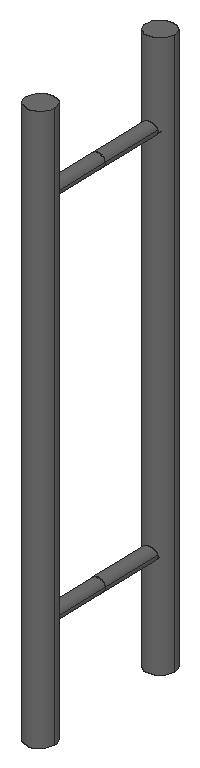
Revit family "АВЛН_Ручка прямая", category Двери, Revit 2021
Family settings
  На основе рабочей плоскости = Да
  Всегда вертикально = Да
  При загрузке вырезать с полостями = Нет
  Общий = Нет
  Точка принадлежности помещению = Нет
Parameters
  Ручка двери [instance] = AVLN_Материал импоста_RAL 7024
  Полотно двери.Толщина [instance] = 65 mm
  Default Elevation = 1219.2 mm
  Определить тепловые свойства по = Тип схем
  Высота расположения ручки = 1000 mm
  Аналитическая конструкция = "<Нет>"
Reference planes
  plane 1 "Наружная сторона полотна": y = -35
  plane 2: z = 0
  plane 3 "Край полотна": x = 0
  plane 4 "Горизонталь расположения": z = 1000
  plane 5 "Внутренняя сторона полотна": y = -75
  plane 6: z = 750
  plane 7: y = 65
  plane 8: y = -135
  plane 9 "2": y = 75
Forms (mm)
  Extrusion 1, solid, material "AVLN_Материал импоста_RAL 7024" <- "Ручка двери"
    sketch origin (-445.271, -105.55, 0) x (-1, 0, 0) y (0, -1, 0)
      loop
        circle (-445.271, 29.45) r 20
    from 500 to 1300
  Extrusion 2, solid, material "AVLN_Материал импоста_RAL 7024" <- "Ручка двери"
    sketch origin (-630.686, -65.174, 0) x (-1, 0, 0) y (0, 0, -1)
      loop
        circle (-630.686, -1183.6) r 10
    from -30.174 to 69.826
  Extrusion 3, solid, material "AVLN_Материал импоста_RAL 7024" <- "Ручка двери"
    sketch origin (-630.686, -65.174, 0) x (-1, 0, 0) y (0, 0, -1)
      loop
        circle (-630.686, -650) r 10
    from 69.826 to -30.174
  Extrusion 4, solid, material "AVLN_Материал импоста_RAL 7024" <- "Ручка двери"
    sketch origin (-445.096, 40.55, 0) x (-1, 0, 0) y (0, -1, 0)
      loop
        circle (-445.271, -34.45) r 20
    from 500 to 1300
  Extrusion 5, solid, material "AVLN_Материал импоста_RAL 7024" <- "Ручка двери"
    sketch origin (-630.686, -13.319, 0) x (-1, 0, 0) y (0, 0, 1)
      loop
        circle (-630.686, 1183.6) r 10
    from -21.681 to 88.319
  Extrusion 6, solid, material "AVLN_Материал импоста_RAL 7024" <- "Ручка двери"
    sketch origin (-630.686, -13.319, 0) x (-1, 0, 0) y (0, 0, 1)
      loop
        circle (-630.686, 650) r 10
    from -21.681 to 88.319
Dimensions and locks
  "Высота расположения ручки": plane 4 "Горизонталь расположения" to level
  plane 7 to plane 8 = 200 mm
  locked: plane 6 to plane 4 "Горизонталь расположения" at 250
  equal spacing: plane 7, plane 1 "Наружная сторона полотна", plane 8
  plane 7 to plane 9 "2" = 10 mm
  aligned and locked: plane 1 "Наружная сторона полотна" to Extrusion 5
  aligned and locked: plane 1 "Наружная сторона полотна" to Extrusion 6
  aligned and locked: plane 8 to Extrusion 2
  aligned and locked: plane 8 to Extrusion 3
  aligned and locked: Extrusion 6 to Extrusion 5  (x2)
  aligned and locked: Extrusion 2 to plane 1 "Наружная сторона полотна"
  aligned and locked: Extrusion 3 to plane 1 "Наружная сторона полотна"
  aligned and locked: plane 9 "2" to Extrusion 5
Automatic sketch dimensions
  Extrusion 1 sketch curve to plane 8 = 0 mm
  plane 4 "Горизонталь расположения" to Extrusion 2 sketch curve = 183.6 mm
  Extrusion 3 sketch curve to plane 6 = 100 mm
  Extrusion 4 sketch curve to plane 7 = 10 mm
  plane 4 "Горизонталь расположения" to Extrusion 5 sketch curve = 183.6 mm
  Extrusion 6 sketch curve to plane 6 = 100 mm
  Extrusion 1 sketch curve to plane 3 "Край полотна" = 0 mm
  plane 3 "Край полотна" to Extrusion 2 sketch curve = 0 mm
  plane 3 "Край полотна" to Extrusion 3 sketch curve = 0 mm
  plane 3 "Край полотна" to Extrusion 4 sketch curve = 0.175 mm
  plane 3 "Край полотна" to Extrusion 5 sketch curve = 0 mm
  plane 3 "Край полотна" to Extrusion 6 sketch curve = 0 mm
  radius of Extrusion 1 sketch curve = 20 mm
  radius of Extrusion 2 sketch curve = 10 mm
  radius of Extrusion 3 sketch curve = 10 mm
  radius of Extrusion 4 sketch curve = 20 mm
  radius of Extrusion 5 sketch curve = 10 mm
  radius of Extrusion 6 sketch curve = 10 mm
